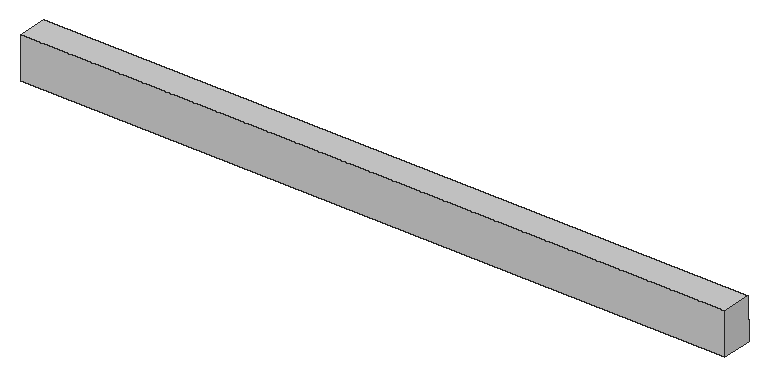
Revit family "Lum_Teto_Tubular_1_Sobrepor", category Lighting Fixtures, host Ceiling, Revit 2025
Family settings
  Host = Ceiling
  Round Connector Dimension = Use Diameter
  Part Type = Normal
  OmniClass Number = 23.80.70.11
  OmniClass Title = Luminaries for Internal Lighting
  Always vertical = Yes
  Cut with Voids When Loaded = No
  Light Source = Yes
  Maintain Annotation Orientation = No
  Shared = No
  Room Calculation Point = No
Parameters (values of type "Luminária_Tubular_Sobrepor_1_Lâmpada")
  Wattage = 9.2903 W
  built-in parameter 1150110 = 1 (stored number, unit not read)
  built-in parameter 1114217 = 1 (stored number, unit not read)
  built-in parameter 1150109 = 1 (stored number, unit not read)
  Lumi_Material = Material_Corpo_Luminaria
  Lumi_Largura_Interna = Lumi_Largura - 10 mm  # 40 mm
  Lumi_Largura = 50 mm
  Lumi_Comprimento = 1200 mm
  Lumi_Altura = 70 mm
  Emit from Line Length = Lumi_Comprimento - 100 mm  # 1100 mm
  Default Elevation = 0 mm
  built-in parameter 1150134 = (empty or 0)
  built-in parameter 1150113 = 1 (stored number, unit not read)
  Lumens = 1380 lm
  built-in parameter 1150115 = 1 (stored number, unit not read)
  built-in parameter 1150105 = 439.27 (stored number, unit not read)
  Light Source Symbol Size = 30 mm
  built-in parameter 1150137 = (empty or 0)
  built-in parameter 1150139 = (empty or 0)
  built-in parameter 1150112 = 1 (stored number, unit not read)
  built-in parameter 1150114 = 1 (stored number, unit not read)
  built-in parameter 1150132 = 2
  built-in parameter 1150102 = (empty or 0)
  built-in parameter 1150138 = (empty or 0)
  built-in parameter 1150107 = 3000 (stored number, unit not read)
  built-in parameter 1150106 = 4.3927 (stored number, unit not read)
  built-in parameter 1150104 = 13.8 (stored number, unit not read)
  Dimming Lamp Color Temperature Shift = <None>
  Color Filter = 16777215
  built-in parameter 1114218 = 1 (stored number, unit not read)
  built-in parameter 1150133 = 10 (stored number, unit not read)
Reference planes
  plane 1 "Eixo de origem da luz (F/T)": y = 0
  plane 2: z = 0
  plane 3 "Eixo de origem da luz (E/D)": x = 0
  plane 4 "Forro": z = 4000
  plane 5 "Elevação da origem da luz": z = 3930
  plane 6 "Tubo_E": x = -550
  plane 7 "Tubo_D": x = 550
Forms (mm)
  Extrusion 1, solid, material "Material_Corpo_Luminaria" <- "Lumi_Material"
    sketch origin (0, 0, 4000) x (0, 1, 0) y (-1, 0, 0)
      loop
        line (25, 600) -> (-25, 600) -> (-25, -600) -> (25, -600) -> (25, 600)
    from 0 to -70
  Extrusion 2, void
    sketch origin (550, 0, 0) x (0, 1, 0) y (0, 0, 1)
      loop
        line (-20, 3930) -> (20, 3930) -> (20, 3946.124)
        arc (20, 3946.124) -> (-0.003, 3948.533) -> (-20, 3946.072) r 83.356
        line (-20, 3946.072) -> (-20, 3930)
    from 0 to -1100
Dimensions and locks
  equal spacing: host sketch curve, plane 3 "Eixo de origem da luz (E/D)", host sketch curve
  equal spacing: host sketch curve, plane 1 "Eixo de origem da luz (F/T)", host sketch curve
  host sketch curve to host sketch curve = 4000 mm  (x2)
  plane 4 "Forro" to host ceiling = 0 mm
  equal spacing: Extrusion 1 sketch curve, plane 3 "Eixo de origem da luz (E/D)", Extrusion 1 sketch curve
  equal spacing: Extrusion 1 sketch curve, plane 1 "Eixo de origem da luz (F/T)", Extrusion 1 sketch curve
  "Lumi_Largura": Extrusion 1 sketch curve to Extrusion 1 sketch curve
  "Lumi_Comprimento": Extrusion 1 sketch curve to Extrusion 1 sketch curve
  equal spacing: imposter light, plane 3 "Eixo de origem da luz (E/D)", imposter light
  equal spacing: imposter light, plane 1 "Eixo de origem da luz (F/T)", imposter light
  "Lumi_Altura": plane 5 "Elevação da origem da luz" to plane 4 "Forro"
  equal spacing: plane 6 "Tubo_E", plane 3 "Eixo de origem da luz (E/D)", plane 7 "Tubo_D"
  "Emit from Line Length": imposter light to imposter light
  imposter light to imposter light = 30 mm
  "Emit from Line Length": plane 6 "Tubo_E" to plane 7 "Tubo_D"
  equal spacing: Extrusion 2 sketch curve, plane 1 "Eixo de origem da luz (F/T)", Extrusion 2 sketch curve
  "Lumi_Largura_Interna": Extrusion 2 to Extrusion 2
  aligned and locked: plane 3 "Eixo de origem da luz (E/D)" to imposter light
  aligned and locked: plane 1 "Eixo de origem da luz (F/T)" to imposter light
  aligned and locked: plane 5 "Elevação da origem da luz" to imposter light
  aligned and locked: plane 5 "Elevação da origem da luz" to Extrusion 1
  aligned and locked: Extrusion 2 to imposter light
Automatic sketch dimensions
  plane 5 "Elevação da origem da luz" to Extrusion 2 sketch curve = 0 mm
  Extrusion 2 sketch curve to plane 1 "Eixo de origem da luz (F/T)" = 0.104 mm
  plane 5 "Elevação da origem da luz" to Extrusion 2 sketch curve = 64.822 mm
  plane 1 "Eixo de origem da luz (F/T)" to Extrusion 2 sketch curve = 20 mm
  Extrusion 2 sketch curve to plane 5 "Elevação da origem da luz" = 16.072 mm
